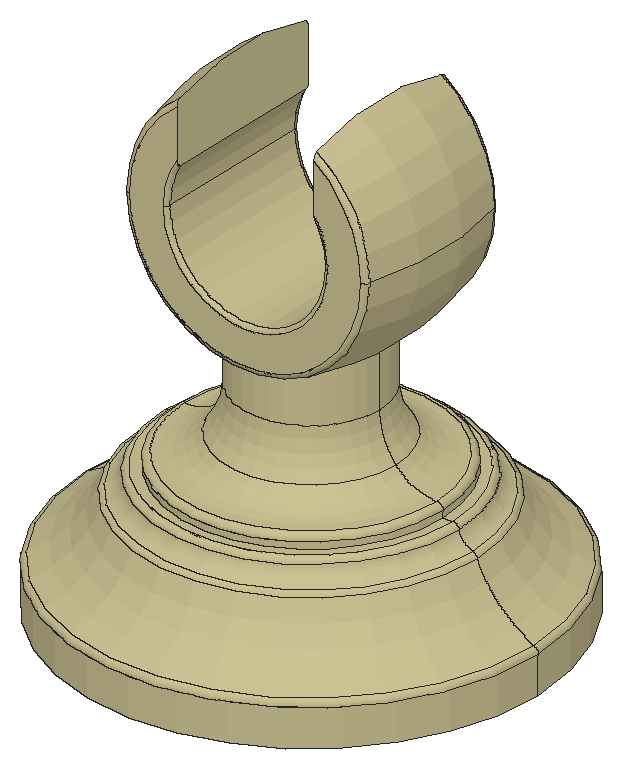
Revit family "Accessory-Wall_Holder-KALLISTA-P24040-1", category Specialty Equipment, host Face, Revit 2022
Family settings
  Host = Face
  Round Connector Dimension = Use Diameter
  Part Type = Normal
  OmniClass Number = 23.31.25.00
  Cut with Voids When Loaded = No
  Maintain Annotation Orientation = No
  Shared = No
  Room Calculation Point = No
Parameters (values of type "ULB-Unlaquered Brass")
  Width = 2.34646"  # constant formula
  WaterSense Certified = 1 = 0  # no
  URL = "https://www.kallista.com/"
  Type = 4
  Product Page URL = "https://www.kallista.com/products/luxury-bathroom/showering/shower-fittings/tuxedo-fixed-wall-bracket-p24040-00/ulb-unlacquered-brass"
  Product Name = "Tuxedo"  # constant formula
  Product Documentation Link = "https://techcomm.kohler.com/techcomm/pdf/1203007-4.pdf"
  Model = if(Type = 1, "P24040-00-AD", if(Type = 2, "P24040-00-AG", if(Type = 3, "P24040-00-CP", if(Type = 4, "P24040-00-ULB", "NA"))))  # "P24040-00-ULB"
  Material = "Premium Metal Construction"  # constant formula
  Master Format 2014 Name = "Toilet, Bath, and Laundry Accessories"  # constant formula
  Master Format 2014 = "10 28 00"  # constant formula
  Manufacturer Address = "444 Highland Dr, Kohler, WI 53044"  # constant formula
  Manufacturer = "Kallista Co."  # constant formula
  Length = 2.46457"  # constant formula
  Height = 2.34646"  # constant formula
  Finish = Kallista-Metal-ULB-Unlaquered_Brass
  Environmental Product Declaration = ""
  Description = "Fixed Wall Bracket"  # constant formula
  Default Elevation = 42"
  Declare Label = ""
  Date Modified = "06/28/2025"  # constant formula
  Date Created = "06/28/2025"  # constant formula
  Copyright = "Copyright Kallista Co."  # constant formula
  Contact Us = "https://www.kallista.com/corporate/contact-us/"
  Assembly Code = "C1030200"
  ADA Compliant = 1 = 0  # no
Types (5): name | Type | Product Page URL | Product Documentation Link | Model | Finish
  (no name) | 4 | "https://www.kallista.com/products/luxury-bathroom/showering/shower-fittings/tuxedo-fixed-wall-bracket-p24040-00/ulb-unlacquered-brass" | "https://techcomm.kohler.com/techcomm/pdf/1203007-4.pdf" | "P24040-00-ULB" | Kallista-Metal-ULB-Unlaquered_Brass
  AD-Nickel Silver | 1 | "https://www.kallista.com/products/luxury-bathroom/showering/shower-fittings/tuxedo-fixed-wall-bracket-p24040-00/ad-nickel-silver" | "https://techcomm.kohler.com/techcomm/pdf/1203007-4.pdf" | "P24040-00-AD" | Kallista-Metal-AD-Nickel_Silver
  AG-Brushed Nickel | 2 | "" | "" | "P24040-00-AG" | Kallista-Metal-AG-Brushed_Nickel
  CP-Chrome | 3 | "https://www.kallista.com/products/luxury-bathroom/showering/shower-fittings/tuxedo-fixed-wall-bracket-p24040-00/cp-polished-chrome" | "https://techcomm.kohler.com/techcomm/pdf/1203007-4.pdf" | "P24040-00-CP" | Kallista-Metal-CP-Chrome
  ULB-Unlaquered Brass | 4 | "https://www.kallista.com/products/luxury-bathroom/showering/shower-fittings/tuxedo-fixed-wall-bracket-p24040-00/ulb-unlacquered-brass" | "https://techcomm.kohler.com/techcomm/pdf/1203007-4.pdf" | "P24040-00-ULB" | Kallista-Metal-ULB-Unlaquered_Brass
Reference planes (in)
  plane 1 "Center (Front/Back)": y = 0
  plane 2: z = 0
  plane 3 "Center (Left/Right)": x = 0
  plane 4: y = 1.17323
  plane 5: y = -1.17323
  plane 6: x = -1.17323
  plane 7: x = 1.17323
  plane 8: z = 2.46457
  plane 9: x = -0.68307
  plane 10: x = 0.68307
  plane 11: z = 1.88976
Dimensions and locks (in)
  plane 6 to plane 7 = 2.34646"
  level to plane 8 = 2.46457"
  plane 4 to plane 5 = 2.34646"
  "Width": plane 6 to plane 7
  "Height": plane 4 to plane 5
  "Length": plane 8 to level
  aligned and locked: plane 2 to host face
  aligned and locked: level to host face
  aligned and locked: plane 3 "Center (Left/Right)" to nested 1
  aligned and locked: plane 1 "Center (Front/Back)" to nested 1
Automatic sketch dimensions
  host sketch curve to host sketch curve = 96"  (x2)
Nested families (in)
  nested 1: "K-P24040" at (0, 0, 0), type "K-P24040"
Definition of nested family "K-P24040"
  Parameters
    Material = none
    Default Elevation = 0"
  Reference planes (in)
    plane 1 "Center (Front/Back)": y = 0
    plane 2: z = 0
    plane 3 "Center (Left/Right)": x = 0
    plane 4: x = 1.17323
    plane 5: x = -1.17323
    plane 6: y = 1.17323
    plane 7: y = -1.17323
    plane 8: z = 2.46457
    plane 9: y = -0.42126
    plane 10: y = 0.42126
    plane 11: z = 1.88976
    plane 12: x = 0.68307
    plane 13: x = -0.68307
  Forms (in)
    Revolve 1, solid, material <- "Material", detail levels medium+fine
      sketch origin (0, 0, 0) x (1, 0, 0) y (0, 0, 1)
        loop
          line (0, 1.38958) -> (-0.35698, 1.38958) -> (-0.35698, 1.03676)
          arc (-0.35698, 1.03676) -> (-0.37806, 0.91563) -> (-0.43881, 0.80874) r 0.35856
          arc (-0.43881, 0.80874) -> (-0.53371, 0.73633) -> (-0.65089, 0.71355) r 0.26198
          arc (-0.65089, 0.71355) -> (-0.67357, 0.70489) -> (-0.68307, 0.68256) r 0.03101
          line (-0.68307, 0.68256) -> (-0.68307, 0.64961) -> (-0.73378, 0.64961)
          arc (-0.73378, 0.64961) -> (-0.75413, 0.64237) -> (-0.76534, 0.6239) r 0.03223
          arc (-0.76534, 0.6239) -> (-0.79004, 0.57505) -> (-0.83601, 0.54531) r 0.10478
          arc (-0.83601, 0.54531) -> (-0.85012, 0.53702) -> (-0.85929, 0.52347) r 0.03717
          arc (-0.85929, 0.52347) -> (-0.97508, 0.34354) -> (-1.15147, 0.22242) r 0.54214
          arc (-1.15147, 0.22242) -> (-1.1673, 0.20922) -> (-1.17323, 0.18948) r 0.03581
          line (-1.17323, 0.18948) -> (-1.17323, 0) -> (0, 0) -> (0, 1.38958)
        axis (0, 0) -> (0, 1.38958)
      angle from 0 to 360
    Extrusion 2, solid, material <- "Material", detail levels coarse
      sketch origin (0, 0, 0) x (1, 0, 0) y (0, 0, 1)
        loop
          arc (-0.36881, 2.45937) -> (-0.35346, 2.46002) -> (-0.34558, 2.44682) r 0.015
          line (-0.34558, 2.44682) -> (-0.34558, 2.14119)
          arc (-0.34558, 2.14119) -> (-0.34956, 2.10744) -> (-0.36128, 2.07554) r 0.14511
          arc (-0.36128, 2.07554) -> (0.00945, 1.47915) -> (0.36697, 2.08355) r 0.41064
          arc (0.36697, 2.08355) -> (0.3579, 2.10703) -> (0.35481, 2.13201) r 0.10269
          line (0.35481, 2.13201) -> (0.35481, 2.44693)
          arc (0.35481, 2.44693) -> (0.36265, 2.46008) -> (0.37795, 2.45943) r 0.01495
          arc (0.37795, 2.45943) -> (0.00467, 1.20866) -> (-0.36881, 2.45937) r 0.6811
      from -0.45276 to 0.4258
    Sweep 3, solid, material <- "Material", detail levels medium+fine
      path origin (0, 0, 0) x (1, 0, 0) y (0, 0, 1)
        loop
          circle (0, 1.89013) r 0.6811
      profile origin (0.6811, 0, 1.89013) x (-1, 0, 0) y (0, -1, 0)
        loop
          arc (0.05696, 0.40187) -> (-0.00134, 0.00057) -> (0.05211, -0.40141) r 1.47141
          arc (0.05211, -0.40141) -> (0.06199, -0.41598) -> (0.07867, -0.42161) r 0.02756
          line (0.07867, -0.42161) -> (0.257, -0.42161)
          arc (0.257, -0.42161) -> (0.27092, -0.41584) -> (0.27669, -0.40192) r 0.01969
          line (0.27669, -0.40192) -> (0.27669, 0.40206)
          arc (0.27669, 0.40206) -> (0.27092, 0.41598) -> (0.257, 0.42174) r 0.01969
          line (0.257, 0.42174) -> (0.08343, 0.42174)
          arc (0.08343, 0.42174) -> (0.06688, 0.41622) -> (0.05696, 0.40187) r 0.02756
    Extrusion 4, void
      sketch origin (0, 0, 0) x (1, 0, 0) y (0, 0, 1)
        loop
          line (0.35481, 2.66561) -> (-0.35174, 2.66561) -> (-0.35174, 1.93299) -> (0.35481, 1.93299) -> (0.35481, 2.66561)
      from -0.50935 to 0.66206
    Revolve 5, solid, material <- "Material", detail levels coarse
      sketch origin (0, 0, 0) x (1, 0, 0) y (0, 0, 1)
        loop
          line (0, 1.30971) -> (-0.35698, 1.30971) -> (-0.35698, 1.03676)
          arc (-0.35698, 1.03676) -> (-0.37806, 0.91563) -> (-0.43881, 0.80874) r 0.35856
          arc (-0.43881, 0.80874) -> (-0.52826, 0.73886) -> (-0.63886, 0.71337) r 0.26198
          arc (-0.63886, 0.71337) -> (-0.68293, 0.70436) -> (-0.72035, 0.67941) r 0.11704
          arc (-0.72035, 0.67941) -> (-0.90688, 0.50273) -> (-1.10144, 0.33492) r 5.51673
          arc (-1.10144, 0.33492) -> (-1.15438, 0.26696) -> (-1.17323, 0.18291) r 0.19685
          line (-1.17323, 0.18291) -> (-1.17323, 0) -> (0, 0) -> (0, 1.30971)
        axis (0, 0) -> (0, 1.30971)
      angle from 0 to 360
  Cuts and joins
    Extrusion 4 cuts Sweep 3
  Lines and regions (in)
    Masking region 1
      outline origin (0, 0, 0) x (1, 0, 0) y (0, 1, 0)
        loop
          circle (0, 0) r 1.17323
    Masking region 2
      outline origin (0, 0, 0) x (1, 0, 0) y (0, 0, 1)
        loop
          line (-1.17323, 0.18948) -> (-1.17323, 0) -> (1.17323, 0) -> (1.17323, 0.18948)
          arc (1.17323, 0.18948) -> (1.1673, 0.20922) -> (1.15147, 0.22242) r 0.03581
          arc (1.15147, 0.22242) -> (0.97508, 0.34354) -> (0.85929, 0.52347) r 0.54214
          arc (0.85929, 0.52347) -> (0.85012, 0.53702) -> (0.83601, 0.54531) r 0.03717
          arc (0.83601, 0.54531) -> (0.79004, 0.57505) -> (0.76534, 0.6239) r 0.10478
          arc (0.76534, 0.6239) -> (0.75413, 0.64237) -> (0.73378, 0.64961) r 0.03223
          line (0.73378, 0.64961) -> (0.68307, 0.64961) -> (0.68307, 0.68256)
          arc (0.68307, 0.68256) -> (0.67357, 0.70489) -> (0.65089, 0.71355) r 0.03101
          arc (0.65089, 0.71355) -> (0.53371, 0.73633) -> (0.43881, 0.80874) r 0.26198
          arc (0.43881, 0.80874) -> (0.37806, 0.91563) -> (0.35698, 1.03676) r 0.35856
          line (0.35698, 1.03676) -> (0.35698, 1.30971)
          arc (0.35698, 1.30971) -> (0.6811, 1.89013) -> (0.35635, 2.47021) r 0.6811
          line (0.35635, 2.47021) -> (0.35635, 2.11443)
          arc (0.35635, 2.11443) -> (0, 1.4685) -> (-0.35635, 2.11443) r 0.42126
          line (-0.35635, 2.11443) -> (-0.35635, 2.47021)
          arc (-0.35635, 2.47021) -> (-0.6811, 1.89013) -> (-0.35698, 1.30971) r 0.6811
          line (-0.35698, 1.30971) -> (-0.35698, 1.03676)
          arc (-0.35698, 1.03676) -> (-0.37806, 0.91563) -> (-0.43881, 0.80874) r 0.35856
          arc (-0.43881, 0.80874) -> (-0.53371, 0.73633) -> (-0.65089, 0.71355) r 0.26198
          arc (-0.65089, 0.71355) -> (-0.67357, 0.70489) -> (-0.68307, 0.68256) r 0.03101
          line (-0.68307, 0.68256) -> (-0.68307, 0.64961) -> (-0.73378, 0.64961)
          arc (-0.73378, 0.64961) -> (-0.75413, 0.64237) -> (-0.76534, 0.6239) r 0.03223
          arc (-0.76534, 0.6239) -> (-0.79004, 0.57505) -> (-0.83601, 0.54531) r 0.10478
          arc (-0.83601, 0.54531) -> (-0.85012, 0.53702) -> (-0.85929, 0.52347) r 0.03717
          arc (-0.85929, 0.52347) -> (-0.97508, 0.34354) -> (-1.15147, 0.22242) r 0.54214
          arc (-1.15147, 0.22242) -> (-1.1673, 0.20922) -> (-1.17323, 0.18948) r 0.03581
    Masking region 3
      outline origin (0, 0, 0) x (0, 1, 0) y (0, 0, 1)
        loop
          arc (1.17323, 0.18948) -> (1.1673, 0.20922) -> (1.15147, 0.22242) r 0.03581
          arc (1.15147, 0.22242) -> (0.97508, 0.34354) -> (0.85929, 0.52347) r 0.54214
          arc (0.85929, 0.52347) -> (0.85012, 0.53702) -> (0.83601, 0.54531) r 0.03717
          arc (0.83601, 0.54531) -> (0.79004, 0.57505) -> (0.76534, 0.6239) r 0.10478
          arc (0.76534, 0.6239) -> (0.75413, 0.64237) -> (0.73378, 0.64961) r 0.03223
          line (0.73378, 0.64961) -> (0.68307, 0.64961) -> (0.68307, 0.68256)
          arc (0.68307, 0.68256) -> (0.67357, 0.70489) -> (0.65089, 0.71355) r 0.03101
          arc (0.65089, 0.71355) -> (0.53371, 0.73633) -> (0.43881, 0.80874) r 0.26198
          arc (0.43881, 0.80874) -> (0.37806, 0.91563) -> (0.35698, 1.03676) r 0.35856
          line (0.35698, 1.03676) -> (0.35698, 1.20353)
          arc (0.35698, 1.20353) -> (0.36987, 1.23841) -> (0.40235, 1.25652) r 0.05364
          arc (0.40235, 1.25652) -> (0.41589, 1.26407) -> (0.42126, 1.27861) r 0.02236
          line (0.42126, 1.27861) -> (0.42126, 2.38881)
          arc (0.42126, 2.38881) -> (0, 2.46487) -> (-0.42126, 2.38881) r 1.20462
          line (-0.42126, 2.38881) -> (-0.42126, 1.27861)
          arc (-0.42126, 1.27861) -> (-0.41589, 1.26407) -> (-0.40235, 1.25652) r 0.02236
          arc (-0.40235, 1.25652) -> (-0.36987, 1.23841) -> (-0.35698, 1.20353) r 0.05364
          line (-0.35698, 1.20353) -> (-0.35698, 1.03676)
          arc (-0.35698, 1.03676) -> (-0.37806, 0.91563) -> (-0.43881, 0.80874) r 0.35856
          arc (-0.43881, 0.80874) -> (-0.53371, 0.73633) -> (-0.65089, 0.71355) r 0.26198
          arc (-0.65089, 0.71355) -> (-0.67357, 0.70489) -> (-0.68307, 0.68256) r 0.03101
          line (-0.68307, 0.68256) -> (-0.68307, 0.64961) -> (-0.73378, 0.64961)
          arc (-0.73378, 0.64961) -> (-0.75413, 0.64237) -> (-0.76534, 0.6239) r 0.03223
          arc (-0.76534, 0.6239) -> (-0.79004, 0.57505) -> (-0.83601, 0.54531) r 0.10478
          arc (-0.83601, 0.54531) -> (-0.85012, 0.53702) -> (-0.85929, 0.52347) r 0.03717
          arc (-0.85929, 0.52347) -> (-0.97508, 0.34354) -> (-1.15147, 0.22242) r 0.54214
          arc (-1.15147, 0.22242) -> (-1.1673, 0.20922) -> (-1.17323, 0.18948) r 0.03581
          line (-1.17323, 0.18948) -> (-1.17323, 0) -> (1.17323, 0) -> (1.17323, 0.18948)
    symbolic lines, detail levels medium+fine
      curve 1: circle (0, 0, 0) r 0.85987 normal (0, 0, 1)
      curve 2: arc (-0.63001, 0.42126, 0) -> (-0.75787, 0, 0) -> (-0.63001, -0.42126, 0) r 0.75787
      curve 3: line (-0.63001, 0.42126, 0) -> (0.63001, 0.42126, 0)
      curve 4: line (-0.63001, -0.42126, 0) -> (0.63001, -0.42126, 0)
      curve 5: arc (0.53982, 0.42126, 0) -> (0, 0.68474, 0) -> (-0.53982, 0.42126, 0) r 0.68474
      curve 6: arc (0.53982, -0.42126, 0) -> (0, -0.68474, 0) -> (-0.53982, -0.42126, 0) r 0.68474
      curve 7: line (-0.3673, 0.42126, 0) -> (-0.3673, -0.42126, 0)
      curve 8: line (0.36155, 0.42126, 0) -> (0.36155, -0.42126, 0)
      curve 9: arc (0.63001, -0.42126, 0) -> (0.75787, 0, 0) -> (0.63001, 0.42126, 0) r 0.75787
      curve 10: circle (0, 0, 0) r 0.89924 normal (0, 0, 1)
      curve 11: arc (0.58896, 0.42126, 0) -> (0, 0.72411, 0) -> (-0.58896, 0.42126, 0) r 0.72411
      curve 12: arc (0.57086, -0.44548, 0) -> (-0.01512, -0.72395, 0) -> (-0.58896, -0.42126, 0) r 0.72411
      curve 13: arc (-0.36425, 0, 1.30829) -> (0.00254, 0, 1.20831) -> (0.36933, 0, 1.30829) r 0.72283
      curve 14: arc (-0.62782, 0, 1.90207) -> (-0.00462, 0, 1.27887) -> (0.61858, 0, 1.90207) r 0.6232
      curve 15: arc (-0.36327, 0, 2.39515) -> (-0.55751, 0, 2.18185) -> (-0.62782, 0, 1.90207) r 0.5918
      curve 16: arc (0.61858, 0, 1.90207) -> (0.54857, 0, 2.19151) -> (0.35403, 0, 2.41697) r 0.63336
      curve 17: line (-1.17323, 0, 0.18948) -> (1.17323, 0, 0.18948)
      curve 18: line (-0.85929, 0, 0.52347) -> (0.85929, 0, 0.52347)
      curve 19: line (-0.68307, 0, 0.64961) -> (0.68307, 0, 0.64961)
      curve 20: line (-0.79004, 0, 0.57505) -> (0.79004, 0, 0.57505)
      curve 21: line (-0.641, 0, 0.71336) -> (0.641, 0, 0.71336)
      curve 22: arc (0, 0.39426, 1.25461) -> (0, -0.00033, 1.32432) -> (0, -0.39495, 1.25482) r 1.15342
      curve 23: arc (0, 0.35698, 1.20353) -> (0, -0.00026, 1.27581) -> (0, -0.35702, 1.20117) r 0.90414
      curve 24: line (0, 1.17323, 0.18948) -> (0, -1.17323, 0.18948)
      curve 25: line (0, 0.85929, 0.52347) -> (0, -0.85929, 0.52347)
      curve 26: line (0, 0.68307, 0.64961) -> (0, -0.68307, 0.64961)
      curve 27: line (0, 0.79004, 0.57505) -> (0, -0.79004, 0.57505)
      curve 28: line (0, 1.15147, 0.22242) -> (0, -1.14687, 0.22242)
      curve 29: line (0, 0.53371, 0.73633) -> (0, -0.53371, 0.73633)
  Dimensions and locks (in)
    plane 7 to plane 6 = 2.34646"
    aligned and locked: plane 2 to level
